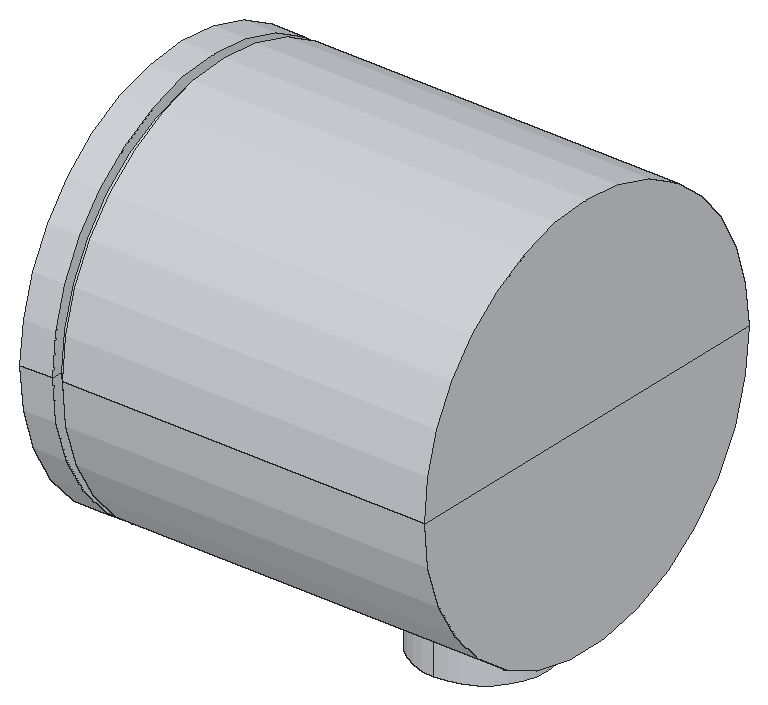
Revit family "Alcon-13303-SM_CAN_", category Lighting Fixtures, Revit 2025
Family settings
  Round Connector Dimension = Use Diameter
  Part Type = Normal
  Cut with Voids When Loaded = No
  Light Source = Yes
  Maintain Annotation Orientation = No
  Shared = No
  Room Calculation Point = No
Parameters
  Wattage = 9.2903 W
  built-in parameter 1150110 = 1 (stored number, unit not read)
  built-in parameter 1114217 = 1 (stored number, unit not read)
  Tilt Angle = 60.00°
  built-in parameter 1150109 = 1 (stored number, unit not read)
  built-in parameter 1150134 = 3
  built-in parameter 1150113 = 1 (stored number, unit not read)
  built-in parameter 1010507 = 1.5708 (stored number, unit not read)
  built-in parameter 1010506 = 0.5236 (stored number, unit not read)
  built-in parameter 1150105 = 4614.1 (stored number, unit not read)
  Lumens = 1380 lm
  built-in parameter 1150115 = 1 (stored number, unit not read)
  Light Source Symbol Length = 10' - 0"
  built-in parameter 1150137 = (empty or 0)
  built-in parameter 1150139 = (empty or 0)
  built-in parameter 1001306 [instance] = 4' - 0"
  built-in parameter 1150112 = 1 (stored number, unit not read)
  built-in parameter 1150114 = 1 (stored number, unit not read)
  built-in parameter 1150132 = (empty or 0)
  built-in parameter 1150102 = (empty or 0)
  built-in parameter 1150107 = 3200 (stored number, unit not read)
  built-in parameter 1150138 = (empty or 0)
  built-in parameter 1150106 = 46.141 (stored number, unit not read)
  Glass Lens = Glass
  built-in parameter 1150104 = 13.8 (stored number, unit not read)
  Dimming Lamp Color Temperature Shift = (empty or 0)
  Default Elevation = 0' - 0"
  Color Filter = 16777215
  built-in parameter 1114218 = 1 (stored number, unit not read)
  built-in parameter 1150133 = 10 (stored number, unit not read)
Reference planes (in)
  plane 1 "Center (Front/Back)": y = 0
  plane 2: z = 0
  plane 3 "Left": x = 0
  plane 4 "Right": x = 48
Forms (in)
  Revolve 1, solid
    sketch origin (0.56598, 0, 0) x (0, 1, 0) y (-1, 0, 0)
      loop
        line (1.125, 0) -> (1.125, 2.01424) -> (1.06619, 2.01424) -> (1.06619, 2.07055) -> (1.125, 2.07055) -> (1.125, 2.25) -> (1.0305, 2.25) -> (1.0305, 0.18121) -> (0, 0.18121) -> (0, 0) -> (1.125, 0)
      axis (0, 0) -> (0, 2.25)
    angle from 0 to 360
  Extrusion 2, solid, material "Glass" <- "Glass Lens"
    sketch origin (-1.50457, 1.17, 0) x (0, -1, 0) y (0, 0, -1)
      loop
        circle (1.17, 0) r 1.03094
    from 0 to 0.10592
  Extrusion 3, solid
    sketch origin (0, 0, 0) x (0, -1, 0) y (1, 0, 0)
      loop
        circle (0, 0) r 0.35188
    from -1.2995 to -1.07317
Lines and regions (in)
  reference lines
    curve 1: line (0, 0, 0) -> (48, 0, 0)
  model lines
    curve 2: line (0, 0, 0) -> (-6.37585, 0, 0)
Dimensions and locks (in)
  "built-in parameter 1001306": plane 3 "Left" to plane 4 "Right"
  aligned and locked: plane 4 "Right" to curve 1
  aligned and locked: plane 1 "Center (Front/Back)" to curve 1
  aligned and locked: plane 3 "Left" to curve 1
  aligned and locked: level to plane 2
Automatic sketch dimensions
  curve 2 to level = 0' - 0"
  curve 2 to plane 3 "Left" = 0' - 0"
  curve 2 to plane 3 "Left" = 0' - 6.37585"
  Extrusion 2 sketch curve to level = 0' - 0"
  Extrusion 2 sketch curve to Extrusion 2 sketch curve = 0' - 0"
  Extrusion 2 sketch curve to plane 1 "Center (Front/Back)" = 0' - 0"
  Extrusion 2 sketch curve to plane 1 "Center (Front/Back)" = 0' - 1.03094"
  plane 1 "Center (Front/Back)" to Extrusion 3 sketch curve = 0' - 0"
  Extrusion 3 sketch curve to plane 3 "Left" = 0' - 0"
  plane 1 "Center (Front/Back)" to Revolve 1 sketch curve = 0' - 0"  (x2)
  plane 3 "Left" to Revolve 1 sketch curve = 0' - 0.38477"
  Revolve 1 sketch curve to plane 1 "Center (Front/Back)" = 0' - 1.0305"
  Revolve 1 sketch curve to Revolve 1 sketch curve = 0' - 0.0357"
  Revolve 1 sketch curve to Revolve 1 sketch curve = 0' - 0.05881"
  Revolve 1 sketch curve to Revolve 1 sketch curve = 0' - 0.0945"
  Revolve 1 sketch curve to Revolve 1 sketch curve = 0' - 0.18121"
  Revolve 1 sketch curve to plane 3 "Left" = 0' - 1.44826"
  Revolve 1 sketch curve to Revolve 1 sketch curve = 0' - 0.05632"
  Revolve 1 sketch curve to Revolve 1 sketch curve = 0' - 0.17945"
  Revolve 1 sketch curve to plane 3 "Left" = 0' - 0.42289"
  Revolve 1 sketch curve to Revolve 1 sketch curve = 0' - 0.31952"
  radius of Extrusion 3 sketch curve = 0' - 0.35188"
